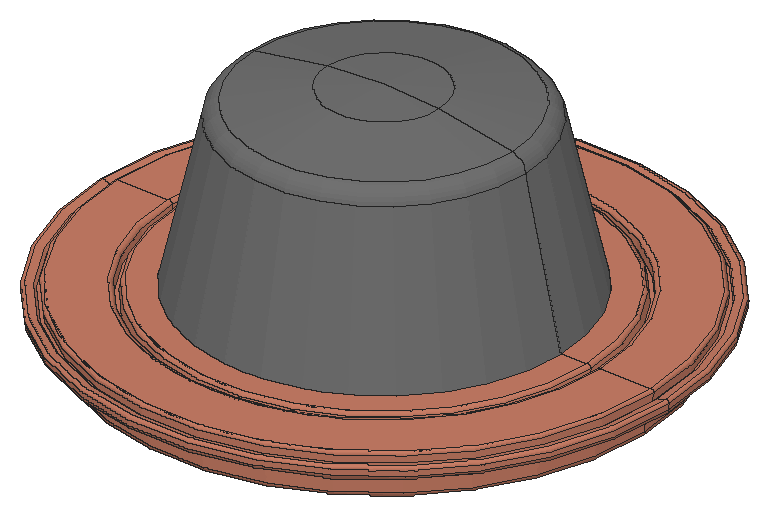
Revit family
Parameters (values of type "1005-04")
  Weight (lb) = 35.22
  Waste Connection = no
  Warranty = "1 year material and workmanship"  # constant formula
  Vent Connection = no
  URL = "http://www.jrsmith.com"
  Threaded = yes
  Technical and Installation = "http://www.jrsmith.com/products/roof/tech_data_index.htm"
  SmartBIM Object Version = 3  # constant formula
  SmartBIM Object Created By = "Reed Construction Data"  # constant formula
  Push On = yes
  Product URL = "http://www.jrsmith.com/products/roof/submittal/d1005.pdf"
  Pipe Size Radius = Outlet Diameter / 2  # 2"
  Outlet Diameter = 4"
  OmniClass Title = "Roof Drains"  # constant formula
  OmniClass Code = "22-22 14 26 13"  # constant formula
  No Hub = yes
  Model = "1005"  # constant formula
  Material Finish = Cast Iron
  Material = Duco coated
  Manufacturer = "Jay R. Smith Mfg. Co. "  # constant formula
  HW Connection = no
  Dome Free Area = "102.5"  # constant formula
  Description = "Duco cast iron body, flashing clamp, air baffle and polyethylene dome"  # constant formula
  Default Elevation = 0"
  Caulk = yes
  CW Connection = no
  Assembly Code = "D2040200"
  95 CSI = "15165"  # constant formula
  04 CSI = "22 14 35"  # constant formula
Types (5): name | Weight (lb) | Pipe Size Radius | Outlet Diameter
  (no name) | 35.22 | 2" | 4"
  1005-02 | 34.27 | 1" | 2"
  1005-02.5 | 34.87 | 1 1/4" | 2 1/2"
  1005-03 | 34.18 | 1 1/2" | 3"
  1005-04 | 35.22 | 2" | 4"
Reference planes (in)
  plane 1 "Center (Front/Back)": y = 0
  plane 2: z = 0
  plane 3 "Center (Left/Right)": x = -0.07706
  plane 4: x = -2.07706
  plane 5: x = 1.92294
  plane 6: z = 0.32347
  plane 7: z = 5.24858
  plane 8: z = -3.15164
Forms (in)
  Revolve 1, solid, material "Cast Iron" <- "Material Finish"
    sketch origin (0, 0, 0) x (1, 0, 0) y (0, 0, 1)
      loop
        line (1.68561, -0.52858) -> (1.68561, -3.15164) -> (1.92294, -3.15164) -> (1.92294, -1.72027) -> (2.0323, -1.72027) -> (2.0323, -1.35824)
        arc (2.0323, -1.35824) -> (2.35727, -0.95813) -> (2.83535, -0.76541) r 1.03068
        line (2.83535, -0.76541) -> (6.76652, -0.76541)
        arc (6.76652, -0.76541) -> (6.85853, -0.7297) -> (6.90236, -0.64128) r 0.13639
        line (6.90236, -0.64128) -> (6.93418, -0.28845)
        arc (6.93418, -0.28845) -> (6.98483, -0.16687) -> (7.09596, -0.09618) r 0.21946
        line (7.09596, -0.09618) -> (7.43637, -0.00497)
        arc (7.43637, -0.00497) -> (7.49829, 0.03448) -> (7.52639, 0.10232) r 0.12208
        line (7.52639, 0.10232) -> (7.53867, 0.24281)
        arc (7.53867, 0.24281) -> (7.51243, 0.30615) -> (7.4455, 0.321) r 0.07425
        line (7.4455, 0.321) -> (7.25545, 0.27013) -> (7.21147, 0.19355) -> (7.11035, 0.16641) -> (7.12788, 0.36607)
        arc (7.12788, 0.36607) -> (7.10847, 0.42331) -> (7.05314, 0.44766) r 0.07502
        line (7.05314, 0.44766) -> (5.71124, 0.44766)
        arc (5.71124, 0.44766) -> (5.6368, 0.4187) -> (5.6015, 0.34704) r 0.11016
        line (5.6015, 0.34704) -> (5.58308, 0.13511) -> (5.48549, 0.13511) -> (5.44475, 0.36615)
        arc (5.44475, 0.36615) -> (5.41101, 0.42458) -> (5.3476, 0.44766) r 0.09864
        line (5.3476, 0.44766) -> (4.68278, 0.44766) -> (4.68278, 0.13511) -> (4.86046, 0.13511) -> (4.83845, -0.11476) -> (3.90793, -0.11476) -> (3.61767, -0.52858) -> (1.68561, -0.52858)
      axis (-0.07706, 0.44766) -> (-0.07706, -3.15164)
    angle from 0 to 360
  Revolve 2, solid, material "Duco coated" <- "Material"
    sketch origin (0.13835, -0.02376, -0.40908) x (1, 0, 0) y (0, 0, 1)
      loop
        line (4.54443, 0.72163) -> (3.59735, 4.85965)
        arc (3.59735, 4.85965) -> (3.47374, 5.10981) -> (3.2327, 5.25039) r 0.48475
        arc (3.2327, 5.25039) -> (2.25764, 5.45033) -> (1.27132, 5.58399) r 14.73737
        arc (1.27132, 5.58399) -> (0.5289, 5.6403) -> (-0.21541, 5.65907) r 14.74818
        line (-0.21541, 5.65907) -> (-0.21541, 5.37911)
        arc (-0.21541, 5.37911) -> (0.52885, 5.35966) -> (1.27132, 5.30453) r 15.5173
        arc (1.27132, 5.30453) -> (2.22894, 5.17014) -> (3.17624, 4.97596) r 15.41283
        arc (3.17624, 4.97596) -> (3.26155, 4.934) -> (3.32079, 4.85965) r 0.2174
        line (3.32079, 4.85965) -> (4.32036, 0.40908) -> (4.54443, 0.40908) -> (4.54443, 0.72163)
      axis (-0.21541, 5.65907) -> (-0.21541, 0.40908)
    angle from 0 to 360
Lines and regions (in)
  symbolic lines
    curve 1: arc (-5.7372, 0, 0) -> (-0.07706, 5.66014, 0) -> (5.58308, 0, 0) r 5.66014
    curve 2: arc (-5.6396, 0, 0) -> (-0.07706, 5.56254, 0) -> (5.48549, 0, 0) r 5.56254
    curve 3: arc (5.58308, 0, 0) -> (-0.07706, -5.66014, 0) -> (-5.7372, 0, 0) r 5.66014
    curve 4: arc (5.48549, 0, 0) -> (-0.07706, -5.56254, 0) -> (-5.6396, 0, 0) r 5.56254
    curve 5: arc (-7.40957, 0, 0) -> (-0.07706, 7.33251, 0) -> (7.25545, 0, 0) r 7.33251
    curve 6: arc (-7.36559, 0, 0) -> (-0.07706, 7.28853, 0) -> (7.21147, 0, 0) r 7.28853
    curve 7: arc (7.21147, 0, 0) -> (-0.07706, -7.28853, 0) -> (-7.36559, 0, 0) r 7.28853
    curve 8: arc (7.25545, 0, 0) -> (-0.07706, -7.33251, 0) -> (-7.40957, 0, 0) r 7.33251
    curve 9: arc (-4.83688, -0.01188, 0) -> (-0.07706, -4.7836, 0) -> (4.68277, -0.01188, 0) r 4.75984
    curve 10: arc (4.68277, -0.01188, 0) -> (-0.07706, 4.75984, 0) -> (-4.83688, -0.01188, 0) r 4.75984
    curve 11: line (-4.66629, 1.26293, 0) -> (-3.80284, 1.0658, 0)
    curve 12: spline (-3.80284, 1.0658, 0) -> (-3.78826, 1.05201, 0) -> (-3.77921, 1.01928, 0) -> (-3.77632, 0.96983, 0) -> (-3.77976, 0.90704, 0) -> (-3.78932, 0.83518, 0) -> (-3.80434, 0.75916, 0) -> (-3.8238, 0.68414, 0) -> (-3.84636, 0.61525, 0) -> (-3.8705, 0.55718, 0) -> (-3.89457, 0.51389, 0) -> (-3.91692, 0.48833, 0) -> (-3.93604, 0.48223, 0)
    curve 13: line (-3.93604, 0.48223, 0) -> (-4.78874, 0.67535, 0)
    curve 14: line (-4.26692, 2.25857, 0) -> (-3.45144, 1.86575, 0)
    curve 15: spline (-3.45144, 1.86575, 0) -> (-3.44029, 1.84906, 0) -> (-3.43875, 1.81514, 0) -> (-3.44693, 1.76628, 0) -> (-3.46427, 1.70583, 0) -> (-3.48957, 1.6379, 0) -> (-3.52113, 1.56713, 0) -> (-3.55679, 1.49832, 0) -> (-3.59412, 1.43618, 0) -> (-3.63058, 1.38494, 0) -> (-3.66367, 1.34809, 0) -> (-3.69116, 1.32814, 0) -> (-3.71115, 1.32645, 0)
    curve 16: line (-3.71115, 1.32645, 0) -> (-4.51729, 1.71477, 0)
    curve 17: line (-1.76804, 4.44934, 0) -> (-2.93084, 2.56744, 0)
    curve 18: spline (-2.93084, 2.56744, 0) -> (-2.92368, 2.5487, 0) -> (-2.92974, 2.51528, 0) -> (-2.94858, 2.46947, 0) -> (-2.97893, 2.41439, 0) -> (-3.01872, 2.3538, 0) -> (-3.06524, 2.29182, 0) -> (-3.11531, 2.23267, 0) -> (-3.16553, 2.1804, 0) -> (-3.21248, 2.13855, 0) -> (-3.25294, 2.10999, 0) -> (-3.28418, 2.09665, 0) -> (-3.30405, 2.09946, 0)
    curve 19: line (-3.30405, 2.09946, 0) -> (-2.13424, 4.29233, 0)
    curve 20: line (-0.96706, 4.67589, 0) -> (-2.26715, 3.1357, 0)
    curve 21: spline (-2.26715, 3.1357, 0) -> (-2.26435, 3.11583, 0) -> (-2.27768, 3.0846, 0) -> (-2.30625, 3.04413, 0) -> (-2.34809, 2.99719, 0) -> (-2.40037, 2.94697, 0) -> (-2.45951, 2.89689, 0) -> (-2.52149, 2.85038, 0) -> (-2.58209, 2.81059, 0) -> (-2.63716, 2.78024, 0) -> (-2.68297, 2.76139, 0) -> (-2.71639, 2.75534, 0) -> (-2.73514, 2.7625, 0)
    curve 22: line (-2.73514, 2.7625, 0) -> (-1.43062, 4.56333, 0)
    curve 23: line (-0.55758, 4.73552, 0) -> (-2.03295, 3.28232, 0)
    curve 24: spline (-2.03295, 3.28232, 0) -> (-2.01627, 3.27117, 0) -> (-1.98234, 3.26963, 0) -> (-1.93349, 3.27781, 0) -> (-1.87304, 3.29515, 0) -> (-1.80511, 3.32045, 0) -> (-1.73433, 3.35201, 0) -> (-1.66553, 3.38767, 0) -> (-1.60339, 3.425, 0) -> (-1.55214, 3.46146, 0) -> (-1.51529, 3.49455, 0) -> (-1.49534, 3.52204, 0) -> (-1.49365, 3.54203, 0)
    curve 25: line (-1.49365, 3.54203, 0) -> (-0.02039, 4.7595, 0)
    curve 26: line (-2.44395, 4.12963, 0) -> (-2.23249, 3.63285, 0)
    curve 27: spline (-2.23249, 3.63285, 0) -> (-2.2187, 3.61827, 0) -> (-2.18596, 3.60923, 0) -> (-2.13652, 3.60633, 0) -> (-2.07373, 3.60978, 0) -> (-2.00187, 3.61934, 0) -> (-1.92584, 3.63435, 0) -> (-1.85083, 3.65381, 0) -> (-1.78194, 3.67637, 0) -> (-1.72387, 3.70051, 0) -> (-1.68058, 3.72458, 0) -> (-1.65501, 3.74693, 0) -> (-1.64891, 3.76605, 0)
    curve 28: line (-1.64891, 3.76605, 0) -> (-1.86091, 4.41293, 0)
    curve 29: line (1.22428, 4.57849, 0) -> (1.22428, 3.79653, 0)
    curve 30: spline (1.22428, 3.79653, 0) -> (1.18001, 3.77925, 0) -> (1.05021, 3.76314, 0) -> (0.84373, 3.74932, 0) -> (0.57464, 3.7387, 0) -> (0.26127, 3.73203, 0) -> (-0.07501, 3.72976, 0) -> (-0.41129, 3.73203, 0) -> (-0.72465, 3.7387, 0) -> (-0.99374, 3.74932, 0) -> (-1.20023, 3.76314, 0) -> (-1.33002, 3.77925, 0) -> (-1.3743, 3.79653, 0)
    curve 31: line (-1.3743, 3.79653, 0) -> (-1.3743, 4.57965, 0)
    curve 32: line (1.71084, 4.41129, 0) -> (1.4988, 3.76514, 0)
    curve 33: spline (1.4988, 3.76514, 0) -> (1.50489, 3.74602, 0) -> (1.53046, 3.72367, 0) -> (1.57375, 3.6996, 0) -> (1.63182, 3.67546, 0) -> (1.70071, 3.6529, 0) -> (1.77572, 3.63344, 0) -> (1.85175, 3.61842, 0) -> (1.92361, 3.60886, 0) -> (1.9864, 3.60542, 0) -> (2.03585, 3.60831, 0) -> (2.06858, 3.61736, 0) -> (2.08237, 3.63194, 0)
    curve 34: line (2.08237, 3.63194, 0) -> (2.29377, 4.12737, 0)
    curve 35: line (2.75395, 3.82641, 0) -> (2.34301, 3.54025, 0)
    curve 36: spline (2.34301, 3.54025, 0) -> (2.3447, 3.52026, 0) -> (2.36466, 3.49277, 0) -> (2.40151, 3.45968, 0) -> (2.45275, 3.42322, 0) -> (2.51489, 3.38589, 0) -> (2.58369, 3.35023, 0) -> (2.65447, 3.31867, 0) -> (2.7224, 3.29337, 0) -> (2.78285, 3.27603, 0) -> (2.8317, 3.26785, 0) -> (2.86563, 3.26939, 0) -> (2.88232, 3.28054, 0)
    curve 37: line (2.88232, 3.28054, 0) -> (3.29092, 3.36345, 0)
    curve 38: line (3.70016, 2.89632, 0) -> (3.11602, 3.13315, 0)
    curve 39: spline (3.11602, 3.13315, 0) -> (3.11322, 3.11328, 0) -> (3.12656, 3.08204, 0) -> (3.15512, 3.04158, 0) -> (3.19697, 2.99463, 0) -> (3.24924, 2.94441, 0) -> (3.30839, 2.89434, 0) -> (3.37037, 2.84782, 0) -> (3.43096, 2.80803, 0) -> (3.48604, 2.77768, 0) -> (3.53185, 2.75884, 0) -> (3.56526, 2.75278, 0) -> (3.58401, 2.75994, 0)
    curve 40: line (3.58401, 2.75994, 0) -> (4.1634, 2.16207, 0)
    curve 41: line (4.50052, 1.30453, 0) -> (3.77906, 2.56424, 0)
    curve 42: spline (3.77906, 2.56424, 0) -> (3.77191, 2.54549, 0) -> (3.77796, 2.51207, 0) -> (3.7968, 2.46626, 0) -> (3.82715, 2.41119, 0) -> (3.86694, 2.35059, 0) -> (3.91346, 2.28861, 0) -> (3.96354, 2.22947, 0) -> (4.01376, 2.17719, 0) -> (4.0607, 2.13535, 0) -> (4.10117, 2.10678, 0) -> (4.1324, 2.09345, 0) -> (4.15227, 2.09625, 0)
    curve 43: line (4.15227, 2.09625, 0) -> (3.86632, 2.66568, 0)
    curve 44: line (4.11475, 2.25495, 0) -> (4.29888, 1.86205, 0)
    curve 45: spline (4.29888, 1.86205, 0) -> (4.28774, 1.84537, 0) -> (4.2862, 1.81144, 0) -> (4.29438, 1.76259, 0) -> (4.31171, 1.70214, 0) -> (4.33702, 1.63421, 0) -> (4.36858, 1.56343, 0) -> (4.40424, 1.49463, 0) -> (4.44157, 1.43249, 0) -> (4.47802, 1.38124, 0) -> (4.51112, 1.34439, 0) -> (4.5386, 1.32444, 0) -> (4.5586, 1.32275, 0)
    curve 46: line (4.5586, 1.32275, 0) -> (4.36465, 1.71093, 0)
    curve 47: line (4.51326, 1.25897, 0) -> (4.64942, 1.0618, 0)
    curve 48: spline (4.64942, 1.0618, 0) -> (4.63484, 1.04801, 0) -> (4.6258, 1.01528, 0) -> (4.6229, 0.96583, 0) -> (4.62634, 0.90304, 0) -> (4.6359, 0.83118, 0) -> (4.65092, 0.75516, 0) -> (4.67038, 0.68014, 0) -> (4.69294, 0.61125, 0) -> (4.71708, 0.55319, 0) -> (4.74115, 0.50989, 0) -> (4.7635, 0.48433, 0) -> (4.78262, 0.47823, 0)
    curve 49: line (4.78262, 0.47823, 0) -> (4.63499, 0.67278, 0)
    curve 50: line (4.67842, 0.20361, 0) -> (4.8131, 0.20361, 0)
    curve 51: spline (4.8131, 0.20361, 0) -> (4.78185, 0.19466, 0) -> (4.75273, 0.16842, 0) -> (4.72772, 0.12668, 0) -> (4.70854, 0.07229, 0) -> (4.69647, 0.00894, 0) -> (4.69236, -0.05904, 0) -> (4.69647, -0.12702, 0) -> (4.70854, -0.19036, 0) -> (4.72772, -0.24476, 0) -> (4.75273, -0.2865, 0) -> (4.78185, -0.31274, 0) -> (4.8131, -0.32169, 0)
    curve 52: line (4.8131, -0.32169, 0) -> (4.67345, -0.32169, 0)
    curve 53: line (4.032, -2.4262, 0) -> (4.2971, -1.81134, 0)
    curve 54: spline (4.2971, -1.81134, 0) -> (4.28596, -1.79465, 0) -> (4.28442, -1.76073, 0) -> (4.2926, -1.71187, 0) -> (4.30993, -1.65142, 0) -> (4.33524, -1.58349, 0) -> (4.3668, -1.51272, 0) -> (4.40246, -1.44391, 0) -> (4.43979, -1.38177, 0) -> (4.47624, -1.33053, 0) -> (4.50934, -1.29368, 0) -> (4.53682, -1.27373, 0) -> (4.55682, -1.27204, 0)
    curve 55: line (4.55682, -1.27204, 0) -> (4.30294, -1.88701, 0)
    curve 56: line (4.60858, -0.86094, 0) -> (4.78171, -0.42782, 0)
    curve 57: spline (4.78171, -0.42782, 0) -> (4.76259, -0.43392, 0) -> (4.74023, -0.45948, 0) -> (4.71617, -0.50277, 0) -> (4.69203, -0.56084, 0) -> (4.66946, -0.62973, 0) -> (4.65001, -0.70475, 0) -> (4.63499, -0.78077, 0) -> (4.62543, -0.85263, 0) -> (4.62198, -0.91542, 0) -> (4.62488, -0.96487, 0) -> (4.63393, -0.9976, 0) -> (4.64851, -1.01139, 0)
    curve 58: line (4.64851, -1.01139, 0) -> (4.46582, -1.44445, 0)
    curve 59: line (3.77255, -2.82315, 0) -> (4.14971, -2.04505, 0)
    curve 60: spline (4.14971, -2.04505, 0) -> (4.12984, -2.04224, 0) -> (4.09861, -2.05558, 0) -> (4.05814, -2.08414, 0) -> (4.0112, -2.12599, 0) -> (3.96098, -2.17826, 0) -> (3.9109, -2.23741, 0) -> (3.86439, -2.29939, 0) -> (3.8246, -2.35998, 0) -> (3.79425, -2.41506, 0) -> (3.7754, -2.46087, 0) -> (3.76935, -2.49429, 0) -> (3.77651, -2.51303, 0)
    curve 61: line (3.77651, -2.51303, 0) -> (3.31063, -3.36736, 0)
    curve 62: line (2.52016, -4.01256, 0) -> (3.11282, -3.08129, 0)
    curve 63: spline (3.11282, -3.08129, 0) -> (3.11001, -3.06142, 0) -> (3.12335, -3.03019, 0) -> (3.15191, -2.98972, 0) -> (3.19376, -2.94278, 0) -> (3.24604, -2.89256, 0) -> (3.30518, -2.84248, 0) -> (3.36716, -2.79597, 0) -> (3.42775, -2.75618, 0) -> (3.48283, -2.72583, 0) -> (3.52864, -2.70698, 0) -> (3.56206, -2.70093, 0) -> (3.58081, -2.70809, 0)
    curve 64: line (3.58081, -2.70809, 0) -> (2.9789, -3.67304, 0)
    curve 65: line (2.71252, -3.88049, 0) -> (2.33932, -3.48762, 0)
    curve 66: spline (2.33932, -3.48762, 0) -> (2.34101, -3.46763, 0) -> (2.36096, -3.44014, 0) -> (2.39781, -3.40705, 0) -> (2.44905, -3.37059, 0) -> (2.51119, -3.33326, 0) -> (2.58, -3.2976, 0) -> (2.65078, -3.26604, 0) -> (2.7187, -3.24074, 0) -> (2.77916, -3.2234, 0) -> (2.82801, -3.21522, 0) -> (2.86193, -3.21676, 0) -> (2.87862, -3.22791, 0)
    curve 67: line (2.87862, -3.22791, 0) -> (2.11358, -4.24954, 0)
    curve 68: line (1.68619, -4.44496, 0) -> (1.4948, -3.71164, 0)
    curve 69: spline (1.4948, -3.71164, 0) -> (1.50089, -3.69252, 0) -> (1.52646, -3.67017, 0) -> (1.56975, -3.6461, 0) -> (1.62782, -3.62196, 0) -> (1.69671, -3.5994, 0) -> (1.77172, -3.57994, 0) -> (1.84775, -3.56493, 0) -> (1.91961, -3.55537, 0) -> (1.9824, -3.55192, 0) -> (2.03185, -3.55482, 0) -> (2.06458, -3.56386, 0) -> (2.07837, -3.57844, 0)
    curve 70: line (2.07837, -3.57844, 0) -> (2.26982, -4.1648, 0)
    curve 71: line (-1.3784, -4.60225, 0) -> (-1.3784, -3.74212, 0)
    curve 72: spline (-1.3784, -3.74212, 0) -> (-1.33413, -3.72484, 0) -> (-1.20433, -3.70873, 0) -> (-0.99785, -3.69491, 0) -> (-0.72875, -3.68429, 0) -> (-0.41539, -3.67762, 0) -> (-0.07911, -3.67535, 0) -> (0.25717, -3.67762, 0) -> (0.57054, -3.68429, 0) -> (0.83963, -3.69491, 0) -> (1.04611, -3.70873, 0) -> (1.17591, -3.72484, 0) -> (1.22018, -3.74212, 0)
    curve 73: line (1.22018, -3.74212, 0) -> (1.22018, -4.60342, 0)
    curve 74: line (-2.42788, -4.16257, 0) -> (-2.23649, -3.57753, 0)
    curve 75: spline (-2.23649, -3.57753, 0) -> (-2.2227, -3.56295, 0) -> (-2.18996, -3.5539, 0) -> (-2.14052, -3.55101, 0) -> (-2.07772, -3.55445, 0) -> (-2.00587, -3.56401, 0) -> (-1.92984, -3.57903, 0) -> (-1.85483, -3.59849, 0) -> (-1.78594, -3.62105, 0) -> (-1.72787, -3.64519, 0) -> (-1.68458, -3.66926, 0) -> (-1.65901, -3.69161, 0) -> (-1.65291, -3.71073, 0)
    curve 76: line (-1.65291, -3.71073, 0) -> (-1.84437, -4.44334, 0)
    curve 77: line (-2.35988, -4.20046, 0) -> (-2.03665, -3.22613, 0)
    curve 78: spline (-2.03665, -3.22613, 0) -> (-2.01996, -3.21498, 0) -> (-1.98604, -3.21344, 0) -> (-1.93718, -3.22162, 0) -> (-1.87673, -3.23896, 0) -> (-1.8088, -3.26426, 0) -> (-1.73803, -3.29582, 0) -> (-1.66922, -3.33148, 0) -> (-1.60708, -3.36881, 0) -> (-1.55584, -3.40527, 0) -> (-1.51899, -3.43836, 0) -> (-1.49904, -3.46585, 0) -> (-1.49735, -3.48584, 0)
    curve 79: line (-1.49735, -3.48584, 0) -> (-1.82069, -4.45274, 0)
    curve 80: line (-3.22466, -3.59429, 0) -> (-2.73834, -2.70553, 0)
    curve 81: spline (-2.73834, -2.70553, 0) -> (-2.7196, -2.69837, 0) -> (-2.68618, -2.70443, 0) -> (-2.64037, -2.72327, 0) -> (-2.58529, -2.75362, 0) -> (-2.5247, -2.79341, 0) -> (-2.46272, -2.83993, 0) -> (-2.40357, -2.89, 0) -> (-2.3513, -2.94022, 0) -> (-2.30945, -2.98717, 0) -> (-2.28089, -3.02763, 0) -> (-2.26755, -3.05887, 0) -> (-2.27036, -3.07874, 0)
    curve 82: line (-2.27036, -3.07874, 0) -> (-2.75683, -3.95758, 0)
    curve 83: line (-3.92911, -2.81979, 0) -> (-3.3066, -2.04184, 0)
    curve 84: spline (-3.3066, -2.04184, 0) -> (-3.28673, -2.03904, 0) -> (-3.2555, -2.05237, 0) -> (-3.21503, -2.08094, 0) -> (-3.16809, -2.12278, 0) -> (-3.11787, -2.17506, 0) -> (-3.06779, -2.2342, 0) -> (-3.02128, -2.29618, 0) -> (-2.98149, -2.35678, 0) -> (-2.95114, -2.41185, 0) -> (-2.93229, -2.45766, 0) -> (-2.92624, -2.49108, 0) -> (-2.9334, -2.50983, 0)
    curve 85: line (-2.9334, -2.50983, 0) -> (-3.55611, -3.27219, 0)
    curve 86: line (-4.45867, -1.8832, 0) -> (-3.71293, -1.26834, 0)
    curve 87: spline (-3.71293, -1.26834, 0) -> (-3.69294, -1.27003, 0) -> (-3.66545, -1.28998, 0) -> (-3.63236, -1.32683, 0) -> (-3.5959, -1.37808, 0) -> (-3.55857, -1.44022, 0) -> (-3.52291, -1.50902, 0) -> (-3.49135, -1.5798, 0) -> (-3.46605, -1.64773, 0) -> (-3.44871, -1.70818, 0) -> (-3.44053, -1.75703, 0) -> (-3.44207, -1.79096, 0) -> (-3.45322, -1.80764, 0)
    curve 88: line (-3.45322, -1.80764, 0) -> (-4.18821, -2.42261, 0)
    curve 89: line (-4.76342, -0.85688, 0) -> (-3.93695, -0.42382, 0)
    curve 90: spline (-3.93695, -0.42382, 0) -> (-3.91783, -0.42992, 0) -> (-3.89548, -0.45548, 0) -> (-3.87141, -0.49878, 0) -> (-3.84727, -0.55684, 0) -> (-3.82471, -0.62573, 0) -> (-3.80525, -0.70075, 0) -> (-3.79024, -0.77677, 0) -> (-3.78068, -0.84863, 0) -> (-3.77723, -0.91142, 0) -> (-3.78013, -0.96087, 0) -> (-3.78918, -0.9936, 0) -> (-3.80375, -1.00739, 0)
    curve 91: line (-3.80375, -1.00739, 0) -> (-4.62116, -1.44051, 0)
    curve 92: line (-4.8006, 0.13439, 0) -> (-3.96743, 0.13439, 0)
    curve 93: spline (-3.96743, 0.13439, 0) -> (-2.93809, 0.12669, 0) -> (-1.9789, 0.10412, 0) -> (-1.15522, 0.06821, 0) -> (-0.52319, 0.02141, 0) -> (-0.12588, -0.03309, 0) -> (0.00964, -0.09158, 0) -> (-0.12588, -0.15006, 0) -> (-0.52319, -0.20456, 0) -> (-1.15522, -0.25136, 0) -> (-1.9789, -0.28727, 0) -> (-2.93809, -0.30984, 0) -> (-3.96743, -0.31754, 0)
    curve 94: line (-3.96743, -0.31754, 0) -> (-4.82782, -0.31754, 0)
    curve 95: circle (-0.07706, -0.02376, 0) r 3.81276 normal (0, 0, -1)
  model lines
    curve 96: line (-0.3784, -3.91392, 4.12653) -> (-0.3784, -4.7836, 0.32668)
    curve 97: line (0.22018, -3.91392, 4.12653) -> (0.22018, -4.7836, 0.32668)
    curve 98: arc (-0.3784, -3.91392, 4.12653) -> (-0.07911, -3.84715, 4.41827) -> (0.22018, -3.91392, 4.12653) r 0.29929
    curve 99: line (0.4948, -3.88344, 4.12653) -> (0.68832, -4.73132, 0.32668)
    curve 100: line (1.07837, -3.75024, 4.12653) -> (1.27189, -4.59812, 0.32668)
    curve 101: arc (0.4948, -3.88344, 4.12653) -> (0.77172, -3.75174, 4.41827) -> (1.07837, -3.75024, 4.12653) r 0.29929
    curve 102: line (1.33932, -3.65942, 4.12653) -> (1.71666, -4.44298, 0.32668)
    curve 103: line (1.87862, -3.39971, 4.12653) -> (2.25596, -4.18326, 0.32668)
    curve 104: arc (1.33932, -3.65942, 4.12653) -> (1.58, -3.4694, 4.41827) -> (1.87862, -3.39971, 4.12653) r 0.29929
    curve 105: line (2.11282, -3.25309, 4.12653) -> (2.65505, -3.93304, 0.32668)
    curve 106: line (2.58081, -2.87989, 4.12653) -> (3.12304, -3.55983, 0.32668)
    curve 107: arc (2.11282, -3.25309, 4.12653) -> (2.30518, -3.01428, 4.41827) -> (2.58081, -2.87989, 4.12653) r 0.29929
    curve 108: line (2.77651, -2.68483, 4.12653) -> (3.45645, -3.22707, 0.32668)
    curve 109: line (3.14971, -2.21685, 4.12653) -> (3.82966, -2.75908, 0.32668)
    curve 110: arc (2.77651, -2.68483, 4.12653) -> (2.9109, -2.40921, 4.41827) -> (3.14971, -2.21685, 4.12653) r 0.29929
    curve 111: line (3.2971, -1.98314, 4.12653) -> (4.08066, -2.36048, 0.32668)
    curve 112: line (3.55682, -1.44384, 4.12653) -> (4.34037, -1.82118, 0.32668)
    curve 113: arc (3.2971, -1.98314, 4.12653) -> (3.3668, -1.68452, 4.41827) -> (3.55682, -1.44384, 4.12653) r 0.29929
    curve 114: line (3.64851, -1.18319, 4.12653) -> (4.49639, -1.37671, 0.32668)
    curve 115: line (3.78171, -0.59962, 4.12653) -> (4.62958, -0.79314, 0.32668)
    curve 116: arc (3.64851, -1.18319, 4.12653) -> (3.65001, -0.87655, 4.41827) -> (3.78171, -0.59962, 4.12653) r 0.29929
    curve 117: line (3.8131, -0.3251, 4.12653) -> (4.68278, -0.3251, 0.32668)
    curve 118: line (3.8131, 0.27348, 4.12653) -> (4.68278, 0.27348, 0.32668)
    curve 119: arc (3.8131, -0.3251, 4.12653) -> (3.74633, -0.02581, 4.41827) -> (3.8131, 0.27348, 4.12653) r 0.29929
    curve 120: line (3.78262, 0.54809, 4.12653) -> (4.6305, 0.74161, 0.32668)
    curve 121: line (3.64942, 1.13166, 4.12653) -> (4.4973, 1.32519, 0.32668)
    curve 122: arc (3.78262, 0.54809, 4.12653) -> (3.65092, 0.82502, 4.41827) -> (3.64942, 1.13166, 4.12653) r 0.29929
    curve 123: line (3.5586, 1.39261, 4.12653) -> (4.34215, 1.76995, 0.32668)
    curve 124: line (3.29888, 1.93192, 4.12653) -> (4.08244, 2.30926, 0.32668)
    curve 125: arc (3.5586, 1.39261, 4.12653) -> (3.36858, 1.63329, 4.41827) -> (3.29888, 1.93192, 4.12653) r 0.29929
    curve 126: line (3.15227, 2.16611, 4.12653) -> (3.83222, 2.70835, 0.32668)
    curve 127: line (2.77906, 2.6341, 4.12653) -> (3.45901, 3.17634, 0.32668)
    curve 128: arc (3.15227, 2.16611, 4.12653) -> (2.91346, 2.35847, 4.41827) -> (2.77906, 2.6341, 4.12653) r 0.29929
    curve 129: line (2.58401, 2.8298, 4.12653) -> (3.12625, 3.50975, 0.32668)
    curve 130: line (2.11602, 3.20301, 4.12653) -> (2.65826, 3.88295, 0.32668)
    curve 131: arc (2.58401, 2.8298, 4.12653) -> (2.30839, 2.9642, 4.41827) -> (2.11602, 3.20301, 4.12653) r 0.29929
    curve 132: line (1.88232, 3.3504, 4.12653) -> (2.25966, 4.13396, 0.32668)
    curve 133: line (1.34301, 3.61011, 4.12653) -> (1.72036, 4.39367, 0.32668)
    curve 134: arc (1.88232, 3.3504, 4.12653) -> (1.58369, 3.4201, 4.41827) -> (1.34301, 3.61011, 4.12653) r 0.29929
    curve 135: line (1.08237, 3.7018, 4.12653) -> (1.27589, 4.54968, 0.32668)
    curve 136: line (0.4988, 3.835, 4.12653) -> (0.69232, 4.68288, 0.32668)
    curve 137: arc (1.08237, 3.7018, 4.12653) -> (0.77572, 3.7033, 4.41827) -> (0.4988, 3.835, 4.12653) r 0.29929
    curve 138: line (0.22428, 3.86639, 4.12653) -> (0.22428, 4.73607, 0.32668)
    curve 139: line (-0.3743, 3.86639, 4.12653) -> (-0.3743, 4.73607, 0.32668)
    curve 140: arc (0.22428, 3.86639, 4.12653) -> (-0.07501, 3.79962, 4.41827) -> (-0.3743, 3.86639, 4.12653) r 0.29929
    curve 141: line (-0.64891, 3.83591, 4.12653) -> (-0.84244, 4.68379, 0.32668)
    curve 142: line (-1.23249, 3.70272, 4.12653) -> (-1.42601, 4.55059, 0.32668)
    curve 143: arc (-0.64891, 3.83591, 4.12653) -> (-0.92584, 3.70422, 4.41827) -> (-1.23249, 3.70272, 4.12653) r 0.29929
    curve 144: line (-1.49344, 3.61189, 4.12653) -> (-1.87078, 4.39545, 0.32668)
    curve 145: line (-2.03274, 3.35218, 4.12653) -> (-2.41008, 4.13574, 0.32668)
    curve 146: arc (-1.49344, 3.61189, 4.12653) -> (-1.73411, 3.42188, 4.41827) -> (-2.03274, 3.35218, 4.12653) r 0.29929
    curve 147: line (-2.26693, 3.20557, 4.12653) -> (-2.80917, 3.88551, 0.32668)
    curve 148: line (-2.73492, 2.83236, 4.12653) -> (-3.27716, 3.5123, 0.32668)
    curve 149: arc (-2.26693, 3.20557, 4.12653) -> (-2.4593, 2.96676, 4.41827) -> (-2.73492, 2.83236, 4.12653) r 0.29929
    curve 150: line (-2.93062, 2.63731, 4.12653) -> (-3.61057, 3.17955, 0.32668)
    curve 151: line (-3.30383, 2.16932, 4.12653) -> (-3.98378, 2.71156, 0.32668)
    curve 152: arc (-2.93062, 2.63731, 4.12653) -> (-3.06502, 2.36168, 4.41827) -> (-3.30383, 2.16932, 4.12653) r 0.29929
    curve 153: line (-3.45122, 1.93561, 4.12653) -> (-4.23478, 2.31295, 0.32668)
    curve 154: line (-3.71094, 1.39631, 4.12653) -> (-4.49449, 1.77365, 0.32668)
    curve 155: arc (-3.45122, 1.93561, 4.12653) -> (-3.52092, 1.63699, 4.41827) -> (-3.71094, 1.39631, 4.12653) r 0.29929
    curve 156: line (-3.80263, 1.13566, 4.12653) -> (-4.6505, 1.32919, 0.32668)
    curve 157: line (-3.93582, 0.55209, 4.12653) -> (-4.7837, 0.74561, 0.32668)
    curve 158: arc (-3.80263, 1.13566, 4.12653) -> (-3.80413, 0.82902, 4.41827) -> (-3.93582, 0.55209, 4.12653) r 0.29929
    curve 159: line (-3.96722, 0.27758, 4.12653) -> (-4.8369, 0.27758, 0.32668)
    curve 160: line (-3.96722, -0.321, 4.12653) -> (-4.8369, -0.321, 0.32668)
    curve 161: arc (-3.96722, 0.27758, 4.12653) -> (-3.90044, -0.02171, 4.41827) -> (-3.96722, -0.321, 4.12653) r 0.29929
    curve 162: line (-3.93674, -0.59562, 4.12653) -> (-4.78461, -0.78914, 0.32668)
    curve 163: line (-3.80354, -1.17919, 4.12653) -> (-4.65142, -1.37271, 0.32668)
    curve 164: arc (-3.93674, -0.59562, 4.12653) -> (-3.80504, -0.87255, 4.41827) -> (-3.80354, -1.17919, 4.12653) r 0.29929
    curve 165: line (-3.71272, -1.44014, 4.12653) -> (-4.49627, -1.81748, 0.32668)
    curve 166: line (-3.453, -1.97944, 4.12653) -> (-4.23656, -2.35678, 0.32668)
    curve 167: arc (-3.71272, -1.44014, 4.12653) -> (-3.5227, -1.68082, 4.41827) -> (-3.453, -1.97944, 4.12653) r 0.29929
    curve 168: line (-3.30639, -2.21364, 4.12653) -> (-3.98633, -2.75588, 0.32668)
    curve 169: line (-2.93318, -2.68163, 4.12653) -> (-3.61312, -3.22386, 0.32668)
    curve 170: arc (-3.30639, -2.21364, 4.12653) -> (-3.06758, -2.406, 4.41827) -> (-2.93318, -2.68163, 4.12653) r 0.29929
    curve 171: line (-2.73813, -2.87733, 4.12653) -> (-3.28037, -3.55727, 0.32668)
    curve 172: line (-2.27014, -3.25054, 4.12653) -> (-2.81238, -3.93048, 0.32668)
    curve 173: arc (-2.73813, -2.87733, 4.12653) -> (-2.4625, -3.01173, 4.41827) -> (-2.27014, -3.25054, 4.12653) r 0.29929
    curve 174: line (-2.03643, -3.39793, 4.12653) -> (-2.41377, -4.18148, 0.32668)
    curve 175: line (-1.49713, -3.65764, 4.12653) -> (-1.87447, -4.4412, 0.32668)
    curve 176: arc (-2.03643, -3.39793, 4.12653) -> (-1.73781, -3.46762, 4.41827) -> (-1.49713, -3.65764, 4.12653) r 0.29929
    curve 177: line (-1.23649, -3.74933, 4.12653) -> (-1.42788, -4.5879, 0.3684)
    curve 178: line (-0.65291, -3.88253, 4.12653) -> (-0.84644, -4.7304, 0.32668)
    curve 179: arc (-1.23649, -3.74933, 4.12653) -> (-0.92984, -3.75083, 4.41827) -> (-0.65291, -3.88253, 4.12653) r 0.29929
Dimensions and locks (in)
  equal spacing: plane 4, plane 3 "Center (Left/Right)", plane 5
  "Outlet Diameter": plane 4 to plane 5
  Revolve 1 sketch curve to Revolve 1 sketch curve to Revolve 1 sketch curve to Revolve 1 sketch curve to Revolve 1 sketch curve = 0.23733" locked, 7/64" locked, 0" locked, 0.80305" locked
  locked: Revolve 1 sketch curve to plane 3 "Center (Left/Right)" at 3.69473
  Revolve 1 sketch curve to plane 3 "Center (Left/Right)" = 3.98498"
  plane 7 to plane 6 = 4.92511"
  plane 6 to plane 8 = 3.47511"
  aligned and locked: plane 5 to Revolve 1 sketch curve
  aligned and locked: curve 1 to Revolve 1
  aligned and locked: curve 2 to Revolve 1
  aligned and locked: curve 3 to Revolve 1
  aligned and locked: curve 4 to Revolve 1
  aligned and locked: curve 5 to Revolve 1
  aligned and locked: curve 6 to Revolve 1
  aligned and locked: curve 7 to Revolve 1
  aligned and locked: curve 8 to Revolve 1
  aligned and locked: curve 9 to Revolve 2
  aligned and locked: curve 10 to Revolve 1
  aligned and locked: curve 95 to Revolve 2
  aligned and locked: plane 8 to Revolve 1
  aligned and locked: Revolve 2 sketch curve to plane 3 "Center (Left/Right)"
Automatic sketch dimensions
  Revolve 1 sketch curve to plane 3 "Center (Left/Right)" = 0"
  Revolve 1 sketch curve to Revolve 1 sketch curve = 0.93711"
  level to Revolve 1 sketch curve = 0.44766"
  Revolve 1 sketch curve to Revolve 1 sketch curve = 0.77485"
  Revolve 1 sketch curve to level = 0.11476"
  Revolve 1 sketch curve to Revolve 1 sketch curve = 0.15567"
  Revolve 1 sketch curve to Revolve 1 sketch curve = 0.17768"
  Revolve 1 sketch curve to Revolve 1 sketch curve = 0.48714"
  Revolve 1 sketch curve to Revolve 1 sketch curve = 0.09715"
  Revolve 1 sketch curve to Revolve 1 sketch curve = 0.04074"
  level to Revolve 1 sketch curve = 0.13511"  (x2)
  Revolve 1 sketch curve to Revolve 1 sketch curve = 0.0976"
  Revolve 1 sketch curve to Revolve 1 sketch curve = 0.15675"
  Revolve 1 sketch curve to Revolve 1 sketch curve = 0.10974"
  Revolve 1 sketch curve to level = 0.62903"
  Revolve 1 sketch curve to Revolve 1 sketch curve = 1.18344"
  Revolve 1 sketch curve to Revolve 1 sketch curve = 0.13583"
  Revolve 1 sketch curve to Revolve 1 sketch curve = 0.03183"
  level to Revolve 1 sketch curve = 0.37264"
  Revolve 1 sketch curve to Revolve 1 sketch curve = 0.11896"
  Revolve 1 sketch curve to level = 0.09618"
  Revolve 1 sketch curve to Revolve 1 sketch curve = 0.16178"
  level to Revolve 1 sketch curve = 0.16641"
  Revolve 1 sketch curve to Revolve 1 sketch curve = 0.0572"
  level to Revolve 1 sketch curve = 0.36607"
  Revolve 1 sketch curve to Revolve 1 sketch curve = 0.07474"
  Revolve 1 sketch curve to Revolve 1 sketch curve = 0.21858"
  level to Revolve 1 sketch curve = 0.19355"
  Revolve 1 sketch curve to Revolve 1 sketch curve = 0.10113"
  level to Revolve 1 sketch curve = 0.27013"
  Revolve 1 sketch curve to Revolve 1 sketch curve = 0.04397"
  level to Revolve 1 sketch curve = 0.11296"
  Revolve 1 sketch curve to Revolve 1 sketch curve = 0.19329"
  Revolve 1 sketch curve to level = 0.00497"
  Revolve 1 sketch curve to Revolve 1 sketch curve = 0.0316"
  Revolve 1 sketch curve to Revolve 1 sketch curve = 0.19005"
  Revolve 1 sketch curve to Revolve 1 sketch curve = 0.0192"
  level to Revolve 1 sketch curve = 0.10232"
  Revolve 1 sketch curve to Revolve 1 sketch curve = 0.07397"
  Revolve 1 sketch curve to Revolve 1 sketch curve = 0.01225"
  Revolve 1 sketch curve to level = 1.04574"
  Revolve 1 sketch curve to Revolve 1 sketch curve = 0.59283"
  Revolve 1 sketch curve to Revolve 1 sketch curve = 0.36203"
  Revolve 1 sketch curve to Revolve 1 sketch curve = 1.43136"
  Revolve 1 sketch curve to level = 0.52858"
  Revolve 1 sketch curve to Revolve 1 sketch curve = 1/2"
  Revolve 1 sketch curve to Revolve 1 sketch curve = 0.21199"
  Revolve 1 sketch curve to Revolve 1 sketch curve = 0.14048"
  Revolve 1 sketch curve to Revolve 1 sketch curve = 0.00647"
  Revolve 1 sketch curve to Revolve 1 sketch curve = 0.11016"
  Revolve 1 sketch curve to Revolve 1 sketch curve = 0.09864"
  Revolve 2 sketch curve to Revolve 2 sketch curve = 0.20145"
  Revolve 2 sketch curve to Revolve 2 sketch curve = 0.00591"
  Revolve 2 sketch curve to Revolve 2 sketch curve = 37/256"
  Revolve 2 sketch curve to Revolve 2 sketch curve = 0.05645"
  Revolve 2 sketch curve to Revolve 2 sketch curve = 0"  (x2)
  Revolve 2 sketch curve to Revolve 2 sketch curve = 0.27656"
  Revolve 2 sketch curve to Revolve 2 sketch curve = 0.22406"
  Revolve 2 sketch curve to Revolve 2 sketch curve = 0.01073"
  Revolve 2 sketch curve to Revolve 2 sketch curve = 0.9293"
  Revolve 2 sketch curve to Revolve 2 sketch curve = 0.11974"
  Revolve 2 sketch curve to Revolve 2 sketch curve = 1"
  Revolve 2 sketch curve to Revolve 2 sketch curve = 1.14668"
  Revolve 2 sketch curve to Revolve 2 sketch curve = 0.01445"
  Revolve 2 sketch curve to Revolve 2 sketch curve = 0.08056"
  Revolve 2 sketch curve to Revolve 2 sketch curve = 0.14224"
  Revolve 2 sketch curve to Revolve 2 sketch curve = 0.17542"
  Revolve 2 sketch curve to Revolve 2 sketch curve = 0.17597"
  Revolve 2 sketch curve to Revolve 2 sketch curve = 0.00137"
  Revolve 2 sketch curve to Revolve 2 sketch curve = 1.48673"
  Revolve 2 sketch curve to Revolve 2 sketch curve = 1.84802"
  Revolve 2 sketch curve to Revolve 2 sketch curve = 0.72301"
  Revolve 2 sketch curve to Revolve 2 sketch curve = 9.48746"
  Revolve 2 sketch curve to Revolve 2 sketch curve = 0.31255"
  Revolve 2 sketch curve to Revolve 2 sketch curve = 2.20888"
  plane 3 "Center (Left/Right)" to Revolve 2 sketch curve = 0"
  Revolve 2 sketch curve to level = 10.54723"
  curve 9 to curve 94 = 0.00906"
  curve 10 to curve 92 = 0.03628"
  curve 92 to curve 13 = 0.01186"
  plane 1 "Center (Front/Back)" to curve 89 = 0.85688"
  curve 11 to plane 1 "Center (Front/Back)" = 1.26293"
  plane 1 "Center (Front/Back)" to curve 91 = 1.44051"
  curve 16 to plane 1 "Center (Front/Back)" = 1.71477"
  plane 1 "Center (Front/Back)" to curve 86 = 1.8832"
  curve 14 to plane 1 "Center (Front/Back)" = 2.25857"
  plane 1 "Center (Front/Back)" to curve 88 = 2.42261"
  plane 1 "Center (Front/Back)" to curve 83 = 2.81979"
  curve 94 to curve 93 = 0.86039"
  curve 93 to curve 90 = 0.03048"
  curve 13 to plane 1 "Center (Front/Back)" = 0.48223"
  curve 93 to curve 13 = 0.03139"
  curve 89 to curve 90 = 0.0666"
  curve 12 to curve 12 = 0.0666"
  curve 90 to curve 87 = 0.09082"
  curve 11 to curve 15 = 0.09169"
  curve 19 to curve 17 = 0.3662"
  curve 83 to curve 85 = 0.37301"
  curve 87 to curve 87 = 0.12986"
  curve 15 to curve 15 = 0.12986"
  curve 17 to curve 22 = 0.33742"
  curve 88 to curve 84 = 0.14661"
  curve 14 to curve 18 = 0.14739"
  curve 85 to curve 80 = 0.33145"
  curve 83 to curve 84 = 0.1866"
  curve 18 to curve 18 = 0.1866"
  curve 22 to curve 20 = 0.46356"
  curve 80 to curve 82 = 0.46783"
  curve 85 to curve 81 = 0.19505"
  curve 17 to curve 21 = 0.1957"
  curve 81 to curve 81 = 0.23399"
  curve 21 to curve 21 = 0.23399"
  curve 20 to curve 23 = 0.40947"
  curve 82 to curve 77 = 0.39696"
  curve 81 to curve 78 = 0.23371"
  curve 20 to curve 23 = 0.2342"
  curve 23 to curve 25 = 0.53719"
  curve 77 to curve 79 = 0.53919"
  curve 77 to curve 78 = 0.26965"
  curve 23 to curve 24 = 0.26965"
  curve 26 to plane 4 = 0.36689"
  curve 74 to plane 4 = 0.35082"
  curve 74 to plane 4 = 0.15943"
  curve 27 to plane 4 = 0.15543"
  plane 4 to curve 75 = 0.13236"
  plane 4 to curve 27 = 0.13636"
  plane 4 to curve 28 = 0.21615"
  plane 4 to curve 76 = 0.23269"
  curve 76 to curve 71 = 0.27451"
  curve 27 to curve 31 = 0.27462"
  curve 72 to plane 3 "Center (Left/Right)" = 0.00205"
  plane 3 "Center (Left/Right)" to curve 30 = 0.00205"
  curve 72 to curve 68 = 0.27462"
  curve 29 to curve 33 = 0.27451"
  curve 68 to plane 5 = 0.23675"
  curve 32 to plane 5 = 0.2121"
  curve 69 to plane 5 = 0.13636"
  curve 33 to plane 5 = 0.13236"
  plane 5 to curve 70 = 0.34688"
  plane 5 to curve 34 = 0.37083"
  curve 70 to curve 66 = 0.26095"
  curve 34 to curve 36 = 0.26065"
  curve 66 to curve 66 = 0.26965"
  curve 35 to curve 36 = 0.26965"
  curve 70 to curve 65 = 0.44269"
  curve 34 to curve 35 = 0.46018"
  curve 66 to curve 63 = 0.2342"
  curve 36 to curve 39 = 0.23371"
  curve 35 to curve 37 = 0.53697"
  curve 62 to curve 63 = 0.23399"
  curve 38 to curve 39 = 0.23399"
  curve 67 to curve 62 = 0.40658"
  curve 37 to curve 38 = 0.40924"
  curve 64 to curve 61 = 0.1957"
  curve 39 to curve 42 = 0.19505"
  curve 60 to curve 60 = 0.1866"
  curve 41 to curve 42 = 0.1866"
  curve 62 to curve 64 = 0.45874"
  curve 38 to curve 40 = 0.46324"
  curve 60 to curve 53 = 0.14739"
  curve 42 to curve 45 = 0.14661"
  curve 54 to curve 54 = 0.12986"
  curve 44 to curve 45 = 0.12986"
  curve 64 to curve 61 = 0.33173"
  curve 40 to curve 41 = 0.33712"
  curve 54 to curve 57 = 0.09169"
  curve 46 to curve 48 = 0.09082"
  curve 57 to curve 57 = 0.0666"
  curve 48 to curve 48 = 0.0666"
  curve 48 to curve 51 = 0.03048"
  plane 1 "Center (Front/Back)" to curve 59 = 2.82315"
  curve 43 to plane 1 "Center (Front/Back)" = 2.66568"
  plane 1 "Center (Front/Back)" to curve 53 = 2.4262"
  curve 44 to plane 1 "Center (Front/Back)" = 2.25495"
  plane 1 "Center (Front/Back)" to curve 55 = 1.88701"
  curve 46 to plane 1 "Center (Front/Back)" = 1 91/128"
  plane 1 "Center (Front/Back)" to curve 58 = 1.44445"
  plane 1 "Center (Front/Back)" to curve 56 = 0.86094"
  curve 49 to plane 1 "Center (Front/Back)" = 0.67278"
  curve 47 to curve 49 = 0.12173"
  curve 52 to curve 10 = 0.00932"
  curve 50 to plane 1 "Center (Front/Back)" = 0.20361"
  curve 67 to curve 62 = 0.23698"
  curve 71 to curve 71 = 0.86013"
  curve 72 to curve 68 = 0.03048"
  curve 71 to curve 76 = 0.03139"
  curve 70 to curve 65 = 0.09082"
  curve 75 to curve 78 = 0.09169"
  curve 66 to curve 62 = 0.14661"
  curve 77 to curve 81 = 0.14739"
  curve 64 to curve 61 = 0.19505"
  curve 80 to curve 84 = 0.1957"
  curve 60 to curve 54 = 0.23371"
  curve 84 to curve 87 = 0.2342"
  curve 54 to curve 58 = 0.26065"
  curve 86 to curve 90 = 0.26095"
  plane 1 "Center (Front/Back)" to curve 93 = 0.09158"
  curve 51 to curve 49 = 0.27462"
  curve 47 to curve 46 = 0.26095"
  curve 11 to curve 15 = 0.26065"
  curve 45 to curve 42 = 0.2342"
  curve 14 to curve 19 = 0.23371"
  curve 42 to curve 39 = 0.1957"
  curve 17 to curve 21 = 0.19505"
  curve 38 to curve 36 = 0.14739"
  curve 20 to curve 23 = 0.14661"
  curve 36 to curve 33 = 0.09169"
  curve 24 to curve 27 = 0.09082"
  curve 27 to curve 30 = 0.03048"
  curve 96 to plane 3 "Center (Left/Right)" = 0.30134"
  plane 3 "Center (Left/Right)" to curve 97 = 0.29724"
  curve 97 to curve 96 = 0"
  curve 97 to curve 97 = 3.8981"
  curve 100 to curve 99 = 0"
  curve 100 to curve 100 = 3.8981"
  curve 99 to curve 101 = 0.29929"
  curve 103 to curve 102 = 0"
  curve 103 to curve 103 = 3.8981"
  curve 102 to curve 104 = 0.29929"
  curve 106 to curve 105 = 0"
  curve 106 to curve 106 = 3.8981"
  curve 107 to curve 107 = 0.29929"
  curve 109 to curve 108 = 0"
  curve 109 to curve 109 = 3.8981"
  curve 108 to curve 110 = 0.29929"
  curve 112 to curve 111 = 0"
  curve 112 to curve 112 = 3.8981"
  curve 113 to curve 113 = 0.29929"
  curve 115 to curve 114 = 0"
  curve 115 to curve 115 = 3.8981"
  curve 116 to curve 116 = 0.29929"
  plane 1 "Center (Front/Back)" to curve 117 = 0.3251"
  curve 118 to plane 1 "Center (Front/Back)" = 0.27348"
  curve 118 to curve 117 = 0"
  curve 118 to curve 118 = 3.8981"
  curve 121 to curve 120 = 0"
  curve 121 to curve 121 = 3.8981"
  curve 120 to curve 122 = 0.29929"
  curve 124 to curve 123 = 0"
  curve 124 to curve 124 = 3.8981"
  curve 123 to curve 125 = 0.29929"
  curve 127 to curve 126 = 0"
  curve 127 to curve 127 = 3.8981"
  curve 128 to curve 128 = 0.29929"
  curve 130 to curve 129 = 0"
  curve 130 to curve 130 = 3.8981"
  curve 129 to curve 131 = 0.29929"
  curve 133 to curve 132 = 0"
  curve 133 to curve 133 = 3.8981"
  curve 132 to curve 134 = 0.29929"
  curve 136 to curve 135 = 0"
  curve 136 to curve 136 = 3.8981"
  curve 137 to curve 137 = 0.29929"
  plane 3 "Center (Left/Right)" to curve 138 = 0.30134"
  curve 139 to plane 3 "Center (Left/Right)" = 0.29724"
  curve 139 to curve 138 = 0"
  curve 139 to curve 139 = 3.8981"
  curve 142 to curve 141 = 0"
  curve 142 to curve 142 = 3.8981"
  curve 141 to curve 143 = 0.29929"
  curve 145 to curve 144 = 0"
  curve 145 to curve 145 = 3.8981"
  curve 144 to curve 146 = 0.29929"
  curve 148 to curve 147 = 0"
  curve 148 to curve 148 = 3.8981"
  curve 147 to curve 149 = 0.29929"
  curve 151 to curve 150 = 0"
  curve 151 to curve 151 = 3.8981"
  curve 152 to curve 152 = 0.29929"
  curve 154 to curve 153 = 0"
  curve 154 to curve 154 = 3.8981"
  curve 153 to curve 155 = 0.29929"
  curve 157 to curve 156 = 0"
  curve 157 to curve 157 = 3.8981"
  curve 158 to curve 158 = 0.29929"
  curve 159 to plane 1 "Center (Front/Back)" = 0.27758"
  plane 1 "Center (Front/Back)" to curve 160 = 0.321"
  curve 160 to curve 159 = 0"
  curve 160 to curve 160 = 3.8981"
  curve 163 to curve 162 = 0"
  curve 163 to curve 163 = 3.8981"
  curve 162 to curve 164 = 0.29929"
  curve 166 to curve 165 = 0"
  curve 166 to curve 166 = 3.8981"
  curve 165 to curve 167 = 0.29929"
  curve 169 to curve 168 = 0"
  curve 169 to curve 169 = 3.8981"
  curve 168 to curve 170 = 0.29929"
  curve 172 to curve 171 = 0"
  curve 172 to curve 172 = 3.8981"
  curve 173 to curve 173 = 0.29929"
  curve 175 to curve 174 = 0"
  curve 175 to curve 175 = 3.8981"
  curve 176 to curve 176 = 0.29929"
  curve 178 to curve 177 = 0.0428"
  curve 178 to curve 178 = 3.8981"
  curve 179 to curve 179 = 0.29929"
Connectors (in)
  piping at (-0.07706, 0, -3.15164), driven by "Pipe Size Radius"
    settings: on Revolve 1, index 1
